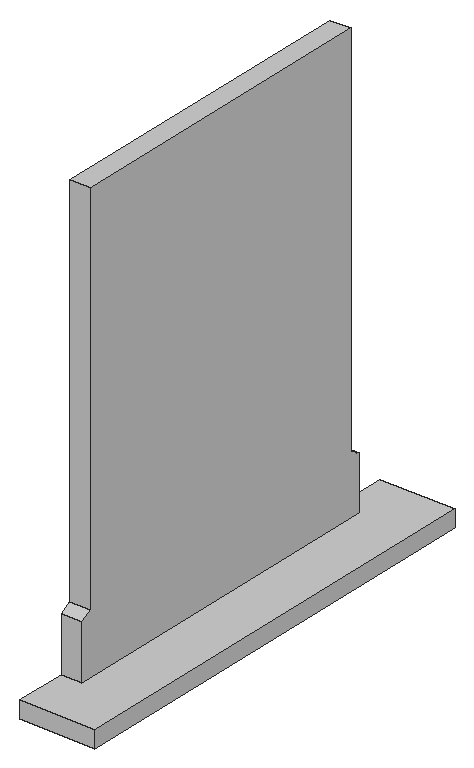
Revit family "LAMP_FIL ACC END COVER RECESSED", category Modelos genéricos, Revit 2015
Parameters (values of type "GREY")
  Weight = 0.049 kg
  Product datasheet = "https://www.lamp.es/product-files/TECH/F5REECG-EN.pdf"
  Product code = "F5REECG"
  Modelo = Product code  # "F5REECG"
  Material [instance] = LAMP_Aluminio Perfil Fil GR
  Manufacturer name = "LAMP"
  Manufacturer country = "Spain"
  Manufacturer URL = "http://www.lamp.es/en"
  Luminaire type = "Assembly"
  Last update = "18/08/2020"
  Installation instructions = ""
  Finish = "Gloss grey"
  Fabricante = Manufacturer name  # "LAMP"
  Descripción = "FIL ACC. REC END COVER GR."
Types (3, lengths in mm): name | Product datasheet | Product code | Modelo | Material | Finish | Descripción
  (no name) | "https://www.lamp.es/product-files/TECH/F5REECG-EN.pdf" | "F5REECG" | "F5REECG" | LAMP_Aluminio Perfil Fil GR | "Gloss grey" | "FIL ACC. REC END COVER GR."
  GREY | "https://www.lamp.es/product-files/TECH/F5REECG-EN.pdf" | "F5REECG" | "F5REECG" | LAMP_Aluminio Perfil Fil GR | "Gloss grey" | "FIL ACC. REC END COVER GR."
  WHITE | "https://www.lamp.es/product-files/TECH/F5REECW-EN.pdf" | "F5REECW" | "F5REECW" | LAMP_Aluminio Perfil Fil BL | "Matt white" | "FIL ACC. REC END COVER WH."
Reference planes
  plane 1 "Centro (Frontal/Posterior)": y = 0
  plane 2: z = 0
  plane 3 "Centro (Izquierda/Derecha)": x = 0
Forms (mm)
  Extrusion 1, solid, material "LAMP_Aluminio Perfil Fil GR" <- "Material"
    sketch origin (0, 0, 0) x (1, 0, 0) y (0, 0, 1)
      loop
        line (0, 0) -> (11, 0) -> (11, 2.5) -> (3, 2.5) -> (3, 67.3) -> (0, 67.3) -> (0, 0)
    from 33.2 to -33.2
  Extrusion 2, void
    sketch origin (0, 0, 0) x (0, 1, 0) y (0, 0, 1)
      loop
        line (33.2, 2.5) -> (33.2, 69.75) -> (24, 69.75) -> (24, 11.436) -> (25.5, 10.5) -> (25.5, 2.5) -> (33.2, 2.5)
    from 4 to -4
  Extrusion 3, void
    sketch origin (0, 0, 0) x (0, -1, 0) y (0, 0, -1)
      loop
        line (33.2, -2.5) -> (25.5, -2.5) -> (25.5, -10.5) -> (24, -11.436) -> (24, -69.75) -> (33.2, -69.75) -> (33.2, -2.5)
    from 4 to -4
Cuts and joins
  Extrusion 2, Extrusion 3 cuts Extrusion 1
Text (mm)
  text "Any modification of the parameters and properties of the LAMP BIM models must be executed and validated by the LAMP technical department.\n\nPhone: +34 93 736 68 00\n\nE-mail: lamp@lamp.es\n\n\n\nLAMP reserves the right to modify the technical specifications of its products." at (46548.969, -39849.289, 20686.288), in view "Preview"
Dimensions and locks
  aligned and locked: level to plane 2
